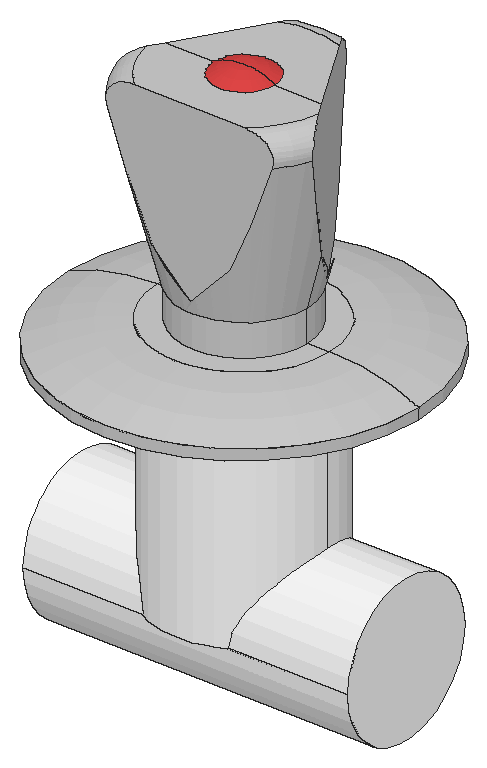
Revit family "PA_Арматура трубопроводов [вентиль полипропиленовый хромированный VTp.713.0]1 - VALTEC", category Арматура трубопроводов, Revit 2019
Family settings
  Размер круглого соединителя = Использовать диаметр
  Тип детали = Клапан - Вставляется
  На основе рабочей плоскости = Нет
  Всегда вертикально = Да
  При загрузке вырезать с полостями = Нет
  Общий = Нет
Parameters (values of type "VTp.713.0")
  Таблица = "PA_Арматура трубопроводов [вентиль полипропиленовый хромированный VTp.713.0] - VALTEC"  # constant formula
  Пользовательский [instance] = no
  Manufacturer = ""
  h [instance] = size_lookup(Таблица, "h", 0 mm, d)  # 46 mm
  d4 [instance] = size_lookup(Таблица, "d4", 0 mm, d)  # 30 mm
  d3 [instance] = size_lookup(Таблица, "d3", 0 mm, d)  # 37 mm
  d2 [instance] = size_lookup(Таблица, "d2", 0 mm, d)  # 40 mm
  d1 [instance] = size_lookup(Таблица, "d1", 0 mm, d)  # 34.5 mm
  d [instance] = 25 mm
  b1 [instance] = 50 mm  # constant formula
  URL = "https://valtec.ru/"
  L [instance] = size_lookup(Таблица, "L", 0 mm, d)  # 77 mm
  H [instance] = size_lookup(Таблица, "H", 0 mm, d)  # 111 mm
  ADSK_Расход жидкости [instance] = 0.0 L/s
  ADSK_Примечание [instance] = ""
  ADSK_Потеря давления жидкости [instance] = 0.0 Pa
  ADSK_Позиция [instance] = ""
  ADSK_Обозначение [instance] = "VTp.713.0"  # constant formula
  ADSK_Наименование [instance] = size_lookup(Таблица, "", "Данный типоразмер отсутствует", d)  # "Вентиль полипропиленовый прямой, Дн25"
  Материал доп.1 = Белый - VALTEC
  ADSK_Материал = Сталь, нержавеющая - VALTEC
  ADSK_Масса [instance] = size_lookup(Таблица, "Масса", 0, d)  # 0.275
  ADSK_Марка [instance] = size_lookup(Таблица, "Маркировка", "Данный типоразмер отсутствует", d)  # "VTp.713.0"
  ADSK_Код изделия [instance] = size_lookup(Таблица, "Код продукта", "Данный типоразмер отсутствует", d)  # "VTp.713.0.025"
  ADSK_Завод-изготовитель [instance] = "VALTEC"  # constant formula
  ADSK_Единица измерения [instance] = "шт."  # constant formula
  ADSK_URL страницы изделия = "https://valtec.ru/catalog/sistemy_polipropilenovyh_truboprovodov/armatura_dlya_polipropilenovyh_truboprovodov/ventil_polipropilenovyj_hromirovannyj_vtp7130.html"
  ADSK_URL документации изделия = "https://valtec.ru/document/technical/VTp.713-1117.pdf"
Reference planes
  plane 1 "По центру (Вперед/Назад)": y = 0
  plane 2: z = 0
  plane 3 "По центру (Влево/Вправо)": x = 0
  plane 4: x = -38.5
  plane 5: x = 38.5
  plane 6: z = 46
  plane 7: z = 44.5
  plane 8: z = 25
  plane 9: z = -25
  plane 10: x = -41.5
  plane 11: x = 20.5
  plane 12: x = -20.5
  plane 13: x = 41.5
  plane 14: x = -145
  plane 15: x = 145
  plane 16: z = 111
  plane 17: z = 106
  plane 18: z = 52
  plane 19: z = 59
  plane 20: z = 54.5
  plane 21: y = 25
  plane 22: y = -25
Forms (mm)
  Extrusion 1, solid, material "Белый - VALTEC" <- "Материал доп.1", detail levels medium+fine
    sketch origin (0, 0, 0) x (0, 1, 0) y (0, 0, 1)
      loop
        circle (0, 0) r 17.25
    from -38.5 to 38.5
  Extrusion 2, solid, material "Белый - VALTEC" <- "Материал доп.1", detail levels medium+fine
    sketch origin (0, 0, 0) x (1, 0, 0) y (0, 1, 0)
      loop
        circle (0, 0) r 20
    from 0 to 44.5
  Blend 3, solid, material "Белый - VALTEC" <- "Материал доп.1", detail levels medium+fine
    base sketch origin (0, 0, 0) x (1, 0, 0) y (0, 1, 0)
      loop
        circle (0, 0) r 20
    top sketch origin (0, 0, 0) x (1, 0, 0) y (0, 1, 0)
      loop
        circle (0, 0) r 18.5
    from 44.5 to 46
  Extrusion 4, solid, material "Сталь, нержавеющая - VALTEC" <- "ADSK_Материал", detail levels medium+fine
    sketch origin (0, 0, 0) x (1, 0, 0) y (0, 1, 0)
      loop
        circle (0, 0) r 15
    from 46 to 106
  Revolve 5, solid, material "Сталь, нержавеющая - VALTEC" <- "ADSK_Материал", detail levels medium+fine
    sketch origin (0, 0, 0) x (1, 0, 0) y (0, 0, 1)
      loop
        line (0, 52) -> (0, 59) -> (-20.5, 59)
        arc (-20.5, 59) -> (-31.238, 57.862) -> (-41.5, 54.5) r 51.25
        line (-41.5, 54.5) -> (-41.5, 52) -> (0, 52)
      axis (0, 52) -> (0, 59)
    angle from 0 to 360
Cuts and joins
  joined: Extrusion 1, Extrusion 2
Lines and regions (mm)
  model lines, detail levels coarse
    curve 1: line (-38.5, 25, 0) -> (-38.5, -25, 0)
    curve 2: line (-38.5, -25, 0) -> (38.5, 25, 0)
    curve 3: line (38.5, 25, 0) -> (38.5, -25, 0)
    curve 4: line (38.5, -25, 0) -> (-38.5, 25, 0)
  symbolic lines, style "PipeAccessory", detail levels coarse
    curve 5: line (-38.5, 0, -25) -> (-38.5, 0, 25)
    curve 6: line (-38.5, 0, 25) -> (38.5, 0, -25)
    curve 7: line (38.5, 0, -25) -> (38.5, 0, 25)
    curve 8: line (38.5, 0, 25) -> (-38.5, 0, -25)
Dimensions and locks
  equal spacing: plane 8, plane 2, plane 9
  "b1": plane 8 to plane 9
  locked: plane 16 to plane 17 at 5
  "H": plane 16 to plane 2
  "h": plane 6 to plane 2
  locked: plane 6 to plane 7 at 1.5
  locked: plane 20 to plane 18 at 2.5
  locked: plane 19 to plane 20 at 4.5
  locked: plane 18 to plane 6 at 6
  equal spacing: plane 13, plane 3 "По центру (Влево/Вправо)", plane 10
  equal spacing: plane 5, plane 3 "По центру (Влево/Вправо)", plane 4
  "L": plane 5 to plane 4
  equal spacing: plane 11, plane 3 "По центру (Влево/Вправо)", plane 12
  locked: plane 11 to plane 12 at 41
  locked: plane 13 to plane 10 at 83
  equal spacing: plane 21, plane 1 "По центру (Вперед/Назад)", plane 22
  "b1": plane 21 to plane 22
  "d1": diameter of Extrusion 1 sketch curve
  "d2": diameter of Extrusion 2 sketch curve
  "d2": diameter of Blend 3 sketch curve
  "d3": diameter of Blend 3 sketch curve
  "d4": diameter of Extrusion 4 sketch curve
  aligned and locked: level to plane 2
  aligned and locked: Extrusion 1 to plane 4
  aligned and locked: plane 5 to Extrusion 1
  aligned and locked: plane 7 to Extrusion 2
  aligned and locked: Blend 3 to plane 7
  aligned and locked: plane 6 to Blend 3
  aligned and locked: plane 1 "По центру (Вперед/Назад)" to nested 1
  aligned and locked: plane 3 "По центру (Влево/Вправо)" to nested 1
  aligned and locked: nested 1 to plane 16
  aligned and locked: plane 17 to Extrusion 4
  aligned and locked: Extrusion 4 to plane 6
Automatic sketch dimensions
  curve 5 to plane 4 = 0 mm
  curve 8 to plane 5 = 0 mm
  curve 5 to plane 8 = 0 mm
  curve 7 to plane 9 = 0 mm
  curve 8 to plane 9 = 0 mm
  curve 8 to plane 8 = 0 mm
  Extrusion 1 sketch curve to level = 0 mm
  Extrusion 1 sketch curve to plane 1 "По центру (Вперед/Назад)" = 0 mm
  plane 1 "По центру (Вперед/Назад)" to Extrusion 2 sketch curve = 0 mm
  Extrusion 2 sketch curve to plane 3 "По центру (Влево/Вправо)" = 0 mm
  plane 1 "По центру (Вперед/Назад)" to Blend 3 sketch curve = 0 mm  (x2)
  Blend 3 sketch curve to plane 3 "По центру (Влево/Вправо)" = 0 mm  (x2)
  plane 1 "По центру (Вперед/Назад)" to Extrusion 4 sketch curve = 0 mm
  Extrusion 4 sketch curve to plane 3 "По центру (Влево/Вправо)" = 0 mm
  Revolve 5 sketch curve to plane 10 = 0 mm
  Revolve 5 sketch curve to plane 12 = 0 mm
  Revolve 5 sketch curve to plane 3 "По центру (Влево/Вправо)" = 0 mm
  Revolve 5 sketch curve to plane 18 = 0 mm
  Revolve 5 sketch curve to plane 20 = 0 mm
  Revolve 5 sketch curve to plane 19 = 0 mm
  curve 1 to plane 4 = 0 mm
  curve 3 to plane 5 = 0 mm
  curve 1 to plane 22 = 0 mm
  curve 3 to plane 22 = 0 mm
  curve 3 to plane 21 = 0 mm
  curve 1 to plane 21 = 0 mm
Nested families
  nested 1: "Ручка VALTEC_2" at (0, 0, 66.6), type "Ручка", detail levels medium+fine
    with Угол 75.00°, r3 31.84 mm, r2 13.5 mm, r1 5 mm, b1 44.4 mm, a3 16 mm, a2 33 mm, a1 30.4 mm
Connectors
  piping at (-38.5, 0, 0), diameter 25, driven by "d", driven by "ADSK_Расход жидкости", driven by "ADSK_Потеря давления жидкости"
    settings: on Extrusion 1, index 1, connector inside diameter 609.6 mm, connector length 0 mm, flow factor 0, pipe flow 0.0 L/s, pressure drop 0.0 Pa, fitting loss kfactor 0, connector angle 0.00°, fixture units 0, engagement length 0 mm, angle of deflection 0.00°, flow configuration 0, flow direction 0, fitting loss method 4, system type 29, joint type 0, gender type 0, connector reference index 2, connector utility 0, adjustable connector no, is connector primary yes, connector description ""
  piping at (38.5, 0, 0), diameter 25, driven by "d", driven by "ADSK_Расход жидкости"
    settings: on Extrusion 1, index 2, connector inside diameter 609.6 mm, connector length 0 mm, flow factor 0, pipe flow 0.0 L/s, pressure drop 0.0 Pa, fitting loss kfactor 0, connector angle 0.00°, fixture units 0, engagement length 0 mm, angle of deflection 0.00°, flow configuration 0, flow direction 0, fitting loss method 0, system type 29, joint type 0, gender type 0, connector reference index 1, connector utility 0, adjustable connector no, is connector primary no, connector description ""
Definition of nested family "Ручка VALTEC_2"
  Parameters (values of type "Ручка")
    материал 2 = none
    материал 1 = none
    Угол [instance] = 75.00°  # constant formula
    Manufacturer = "VALTEC"  # constant formula
    r3 [instance] = a3 * 1.99  # 31.84 mm
    r2 [instance] = 13.5 mm  # constant formula
    r1 [instance] = 5 mm  # constant formula
    b1 [instance] = 44.4 mm  # constant formula
    a3 [instance] = 16 mm  # constant formula
    a2 [instance] = 33 mm  # constant formula
    a1 [instance] = 30.4 mm  # constant formula
    URL = "https://valtec.ru/"
    ADSK_URL страницы изделия = ""
    ADSK_URL документации изделия = ""
  Reference planes
    plane 1 "По центру (Вперед/Назад)": y = 0
    plane 2: z = 0
    plane 3 "По центру (Влево/Вправо)": x = 0
    plane 4: x = -15.2
    plane 5: x = 15.2
    plane 6: z = 44.4
    plane 7: z = 33
    plane 8: y = -16
    plane 9: through (0, 0, 1200) normal (-0.866, -0.5, 0)
    plane 10: through (0, 0, 1200) normal (-0.866, 0.5, 0)
    plane 11: through (-26.355, 77.648, 1200) normal (0.866, 0.5, 0)
    plane 12: through (28.965, 82.169, 1200) normal (0.866, -0.5, 0)
  Forms (mm)
    Revolve 1, solid, material <- "материал 1"
      sketch origin (0, 0, 0) x (1, 0, 0) y (0, 0, 1)
        loop
          arc (-20.581, 44.4) -> (-24.548, 42.444) -> (-25.41, 38.106) r 5
          line (-25.41, 38.106) -> (-15.2, 0) -> (0, 0) -> (0, 44.4) -> (-20.581, 44.4)
        axis (0, 44.4) -> (0, 0)
      angle from 0 to 360
    Revolve 2, solid, material <- "материал 2"
      sketch origin (0, 0, 0) x (1, 0, 0) y (0, 0, 1)
        loop
          arc (0, 46.5) -> (-3.765, 45.964) -> (-7.231, 44.4) r 13.5
          line (-7.231, 44.4) -> (0, 44.4) -> (0, 46.5)
        axis (0, 46.5) -> (0, 44.4)
      angle from 0 to 360
    Extrusion 3, void
      sketch origin (0, 0, 0) x (1, 0, 0) y (0, 1, 0)
        loop
          arc (-27.528, -16) -> (0, -31.84) -> (27.528, -16) r 31.84
          line (27.528, -16) -> (-27.528, -16)
        loop
          arc (27.62, -15.84) -> (27.574, 15.92) -> (0.092, 31.84) r 31.84
          line (0.092, 31.84) -> (27.62, -15.84)
        loop
          arc (-0.092, 31.84) -> (-27.574, 15.92) -> (-27.62, -15.84) r 31.84
          line (-27.62, -15.84) -> (-0.092, 31.84)
      from 0 to 250
  Cuts and joins
    Extrusion 3 cuts Revolve 1
  Dimensions and locks
    equal spacing: plane 5, plane 3 "По центру (Влево/Вправо)", plane 4
    "b1": plane 6 to level
    "a1": plane 5 to plane 4
    "a2": plane 7 to plane 2
    "a3": plane 1 "По центру (Вперед/Назад)" to plane 8
    "a3": plane 9 to plane 11
    "a3": plane 12 to plane 10
    "r1": radius of Revolve 1 sketch curve
    "r2": radius of Revolve 2 sketch curve
    "r3": radius of Extrusion 3 sketch curve  (x3)
    "Угол": angle Revolve 1 sketch curve to plane 2
    aligned and locked: level to plane 2
    aligned and locked: Revolve 1 sketch curve to plane 6
    aligned and locked: plane 7 to Revolve 2 sketch curve
    aligned and locked: plane 3 "По центру (Влево/Вправо)" to Revolve 2 sketch curve  (x2)
    aligned and locked: Revolve 2 sketch curve to plane 6
  Automatic sketch dimensions
    Revolve 1 sketch curve to level = 0 mm
    Revolve 1 sketch curve to plane 4 = 0 mm
    Revolve 1 sketch curve to plane 3 "По центру (Влево/Вправо)" = 0 mm  (x2)
    Revolve 1 sketch curve to Revolve 1 sketch curve = 366.045 mm
    Revolve 1 sketch curve to Revolve 1 sketch curve = 2100.59 mm
    Revolve 2 sketch curve to plane 3 "По центру (Влево/Вправо)" = 0 mm
    Revolve 2 sketch curve to level = 366.045 mm
    Revolve 2 sketch curve to Revolve 2 sketch curve = 2165.058 mm
    Extrusion 3 sketch curve to Extrusion 3 sketch curve = 0 mm  (x4)
    plane 12 to Extrusion 3 sketch curve = 0 mm  (x2)
    Extrusion 3 sketch curve to plane 8 = 0 mm
    plane 1 "По центру (Вперед/Назад)" to Extrusion 3 sketch curve = 0 mm
    Extrusion 3 sketch curve to plane 3 "По центру (Влево/Вправо)" = 0 mm
    Extrusion 3 sketch curve to plane 11 = 0 mm  (x2)
